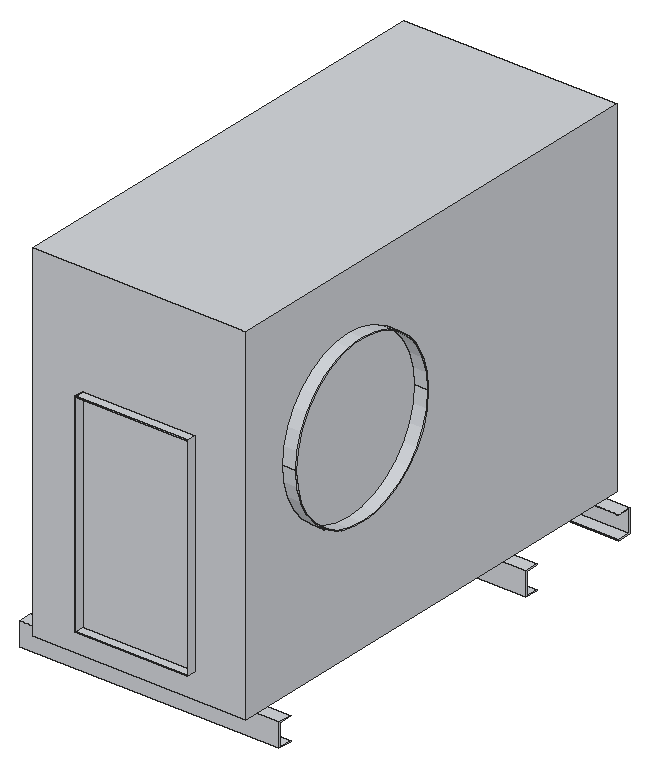
Revit family "BOX BSTB LG270", category Modelos genéricos, Revit 2017
Family settings
  Puede alojar armadura = No
  Cota de conector redondo = Diámetro de uso
  Tipo de pieza = Normal
  Se basa en plano de trabajo = No
  Siempre vertical = Sí
  Corte con vacíos al cargar = No
  Compartido = No
  Punto de cálculo de habitación = No
Parameters (values of type "BOX BSTB 710")
  VisiblePeuMig = yes
  V = B - O - N - 2 * esp  # 898.2 mm
  J1 = 495.5 mm
  esp = 1.5 mm
  Wint = 479 mm
  URL = "www.casals.com"
  U = 100 mm
  T = 891 mm
  S = 548 mm
  Rint = R - 2 * esp  # 705 mm
  R = 708 mm
  Q = 60 mm
  P = 40.5 mm
  O = 475.8 mm
  N = 111 mm
  M = 1109 mm
  L = 1874.5 mm
  J2 = J1 + 60 mm  # 555.5 mm
  Fabricante = "Casals ventilación"
  EspPeu = 3 mm
  DIAM = 20 mm
  C = 912 mm
  B = 1488 mm
  A = 1988 mm
Types (8, lengths in mm): name | VisiblePeuMig | V | J1 | Wint | U | T | S | Rint | R | O | N | M | L | J2 | Fabricante | C | B | A
  (no name) | yes | 898.2 | 495.5 | 479 | 100 | 891 | 548 | 705 | 708 | 475.8 | 111 | 1109 | 1874.5 | 555.5 | "Casals ventilación" | 912 | 1488 | 1988
  BOX BSTB 355 | no | 452 | 100 | 253 | 60 | 492.5 | 307 | 350 | 353 | 268 | 101 | 809 | 964.5 | 160 | "Casals ventilación" | 612 | 824 | 1068
  BOX BSTB 400 | no | 506 | 100 | 281 | 60 | 541.3 | 329 | 395 | 398 | 304 | 100 | 840 | 1119.5 | 160 | "Casals Ventilación" | 642 | 913 | 1223
  BOX BSTB 450 | no | 572 | 100 | 310 | 60 | 596 | 375 | 445 | 448 | 328 | 100 | 890 | 1219.5 | 160 | "Casals ventilación" | 692 | 1003 | 1323
  BOX BSTB 500 | no | 638 | 100 | 341 | 60 | 653 | 399 | 495 | 498 | 355 | 104 | 930 | 1319.5 | 160 | "Casals ventilación" | 732 | 1100 | 1423
  BOX BSTB 560 | yes | 714.5 | 454 | 383 | 100 | 726 | 437 | 555 | 558 | 387.5 | 111 | 999 | 1578 | 514 | "Casals ventilación" | 801.5 | 1216 | 1691.5
  BOX BSTB 630 | yes | 800 | 451 | 426 | 100 | 803 | 481 | 625 | 628 | 430 | 110 | 1049 | 1708 | 511 | "Casals ventilación" | 851 | 1343 | 1821.5
  BOX BSTB 710 | yes | 898.2 | 495.5 | 479 | 100 | 891 | 548 | 705 | 708 | 475.8 | 111 | 1109 | 1874.5 | 555.5 | "Casals ventilación" | 912 | 1488 | 1988
Reference planes
  plane 1 "Centro (Frontal/Posterior)": y = 0
  plane 2: z = 0
  plane 3 "Centro (Izquierda/Derecha)": x = 0
  plane 4: z = 100
  plane 5: z = 1588
  plane 6: x = -239.5
  plane 7: x = 239.5
  plane 8: x = -456
  plane 9: x = 456
  plane 10: x = -554.5
  plane 11: x = 554.5
  plane 12: z = 211
  plane 13: z = 1112.2
  plane 14: y = -548
  plane 15: y = 1440
  plane 16: y = -588.5
  plane 17: z = 1113.7
  plane 18: z = 209.5
  plane 19: x = -241
  plane 20: x = 241
  plane 21: z = 991
  plane 22: y = 446
  plane 23: y = -491.25
  plane 24: y = 1383.25
  plane 25: y = -488.25
  plane 26: y = -431.25
  plane 27: z = 97
  plane 28: z = 3
  plane 29: z = 97
  plane 30: z = 3
  plane 31: y = 1323.25
  plane 32: y = 1380.25
  plane 33: y = 827.75
  plane 34: y = 830.75
  plane 35: z = 3
  plane 36: z = 97
  plane 37: y = 887.75
  plane 38: x = 516
Forms (mm)
  Extrusion 1, solid
    sketch origin (0, 0, 0) x (1, 0, 0) y (0, 0, 1)
      loop
        line (-456, 1588) -> (-456, 100) -> (456, 100) -> (456, 1588) -> (-456, 1588)
    from -1440 to 548
  Extrusion 2, solid
    sketch origin (0, 0, 0) x (1, 0, 0) y (0, 0, 1)
      loop
        line (-241, 1113.7) -> (-241, 209.5) -> (241, 209.5) -> (241, 1113.7) -> (-241, 1113.7)
      loop
        line (239.5, 211) -> (239.5, 1112.2) -> (-239.5, 1112.2) -> (-239.5, 211) -> (239.5, 211)
    from 548 to 588.5
  Extrusion 3, solid
    sketch origin (0, 0, 0) x (0, 1, 0) y (0, 0, 1)
      loop
        circle (0, 991) r 354
      loop
        circle (0, 991) r 352.5
    from 456 to 516
  Extrusion 4, solid
    sketch origin (0, 0, 0) x (0, 1, 0) y (0, 0, 1)
      loop
        line (-431.25, 97) -> (-431.25, 100) -> (-491.25, 100) -> (-491.25, 0) -> (-431.25, 0) -> (-431.25, 3) -> (-488.25, 3) -> (-488.25, 97) -> (-431.25, 97)
    from -554.5 to 554.5
  Extrusion 5, solid
    sketch origin (0, 0, 0) x (0, 1, 0) y (0, 0, 1)
      loop
        line (1323.25, 100) -> (1323.25, 97) -> (1380.25, 97) -> (1380.25, 3) -> (1323.25, 3) -> (1323.25, 0) -> (1383.25, 0) -> (1383.25, 100) -> (1323.25, 100)
    from -554.5 to 554.5
  Extrusion 6, solid, visible <- "VisiblePeuMig"
    sketch origin (0, 0, 0) x (0, 1, 0) y (0, 0, 1)
      loop
        line (827.75, 100) -> (827.75, 0) -> (887.75, 0) -> (887.75, 3) -> (830.75, 3) -> (830.75, 97) -> (887.75, 97) -> (887.75, 100) -> (827.75, 100)
    from -554.5 to 554.5
Dimensions and locks
  equal spacing: plane 7, plane 3 "Centro (Izquierda/Derecha)", plane 6
  equal spacing: plane 9, plane 3 "Centro (Izquierda/Derecha)", plane 8
  equal spacing: plane 11, plane 3 "Centro (Izquierda/Derecha)", plane 10
  "U": plane 4 to plane 2
  "B": plane 5 to plane 4
  "O": plane 5 to plane 13
  "Wint": plane 7 to plane 6
  "C": plane 9 to plane 8
  "M": plane 11 to plane 10
  "S": plane 14 to plane 1 "Centro (Frontal/Posterior)"
  "P": plane 16 to plane 14
  level to Extrusion 1 = 1588 mm
  "esp": plane 17 to plane 13
  "esp": plane 12 to plane 18
  "esp": plane 6 to plane 19
  "esp": plane 20 to plane 7
  "A": plane 14 to plane 15
  "T": plane 21 to plane 4
  equal spacing: plane 14, plane 22, plane 15
  equal spacing: plane 23, plane 22, plane 24
  "L": plane 23 to plane 24
  "EspPeu": plane 4 to plane 27
  "EspPeu": plane 28 to plane 2
  "EspPeu": plane 23 to plane 25
  plane 23 to plane 26 = 60 mm
  "EspPeu": plane 32 to plane 24
  "EspPeu": plane 30 to plane 2
  "EspPeu": plane 4 to plane 29
  plane 31 to plane 24 = 60 mm
  "J2": plane 33 to plane 24
  "EspPeu": plane 33 to plane 34
  "EspPeu": plane 4 to plane 36
  plane 33 to plane 37 = 60 mm
  "N": plane 12 to plane 4
  "Q": plane 38 to plane 9
  "R": diameter of Extrusion 3 sketch curve
  "Rint": diameter of Extrusion 3 sketch curve
  aligned and locked: level to plane 2
  aligned and locked: Extrusion 1 sketch curve to plane 5
  aligned and locked: Extrusion 1 sketch curve to plane 9
  aligned and locked: plane 15 to Extrusion 1
  aligned and locked: Extrusion 2 sketch curve to plane 18
  aligned and locked: Extrusion 2 sketch curve to plane 13
  aligned and locked: Extrusion 2 to plane 16
  aligned and locked: plane 14 to Extrusion 2
  aligned and locked: plane 11 to Extrusion 4
  aligned and locked: Extrusion 4 to plane 10
  aligned and locked: plane 11 to Extrusion 5
  aligned and locked: Extrusion 5 to plane 10
  aligned and locked: Extrusion 1 to plane 14
  aligned and locked: plane 11 to Extrusion 6
  aligned and locked: Extrusion 6 to plane 10
  aligned and locked: Extrusion 6 sketch curve to plane 37  (x2)
  aligned and locked: plane 38 to Extrusion 3
  aligned and locked: Extrusion 3 to plane 9
Automatic sketch dimensions
  Extrusion 1 sketch curve to plane 4 = 0 mm
  Extrusion 1 sketch curve to plane 8 = 0 mm
  Extrusion 2 sketch curve to plane 6 = 0 mm
  Extrusion 2 sketch curve to plane 7 = 0 mm
  Extrusion 2 sketch curve to plane 20 = 0 mm
  Extrusion 2 sketch curve to plane 12 = 0 mm
  Extrusion 2 sketch curve to plane 17 = 0 mm
  Extrusion 2 sketch curve to plane 19 = 0 mm
  Extrusion 3 sketch curve to Extrusion 3 sketch curve = 0 mm  (x2)
  Extrusion 3 sketch curve to plane 1 "Centro (Frontal/Posterior)" = 0 mm
  Extrusion 3 sketch curve to plane 21 = 0 mm
  Extrusion 4 sketch curve to plane 4 = 0 mm
  Extrusion 4 sketch curve to plane 23 = 0 mm
  Extrusion 4 sketch curve to plane 25 = 0 mm
  Extrusion 4 sketch curve to level = 0 mm
  Extrusion 4 sketch curve to plane 26 = 0 mm  (x2)
  Extrusion 4 sketch curve to plane 28 = 0 mm
  Extrusion 4 sketch curve to plane 27 = 0 mm
  Extrusion 5 sketch curve to plane 4 = 0 mm
  Extrusion 5 sketch curve to plane 31 = 0 mm  (x2)
  Extrusion 5 sketch curve to level = 0 mm
  plane 30 to Extrusion 5 sketch curve = 0 mm
  Extrusion 5 sketch curve to plane 32 = 0 mm
  Extrusion 5 sketch curve to plane 24 = 0 mm
  plane 29 to Extrusion 5 sketch curve = 0 mm
  Extrusion 6 sketch curve to plane 4 = 0 mm
  Extrusion 6 sketch curve to plane 33 = 0 mm
  Extrusion 6 sketch curve to plane 34 = 0 mm
  Extrusion 6 sketch curve to level = 0 mm
  plane 35 to Extrusion 6 sketch curve = 0 mm
  plane 36 to Extrusion 6 sketch curve = 0 mm
Connectors
  hvac at (516, 0, 991), driven by "Rint"
    settings: on Extrusion 3, index 1, duct flow 0.0 L/s, flow factor 0, pres drop 0.0 Pa, loss coef 0, conn angle 0.00°, conn width 304.8 mm, conn height 304.8 mm, conn diameter 705 mm, duct sys type 1, conn prof type 0, flow config 0, flow direction 1, loss method 0, conn ref index -1, conn util no, is conn primary yes, conn desc ""
  hvac at (0, -588.5, 661.6), driven by "V", driven by "Wint"
    settings: on Extrusion 2, index 2, duct flow 0.0 L/s, flow factor 0, pres drop 0.0 Pa, loss coef 0, conn angle 0.00°, conn width 479 mm, conn height 898.2 mm, conn diameter 609.6 mm, duct sys type 1, conn prof type 1, flow config 0, flow direction 0, loss method 0, conn ref index -1, conn util no, is conn primary no, conn desc ""
  hvac at (0, -588.5, 661.6), driven by "V", driven by "Wint"
    settings: on Extrusion 2, index 3, duct flow 0.0 L/s, flow factor 0, pres drop 0.0 Pa, loss coef 0, conn angle 0.00°, conn width 479 mm, conn height 898.2 mm, conn diameter 609.6 mm, duct sys type 1, conn prof type 1, flow config 0, flow direction 2, loss method 0, conn ref index -1, conn util no, is conn primary no, conn desc ""
